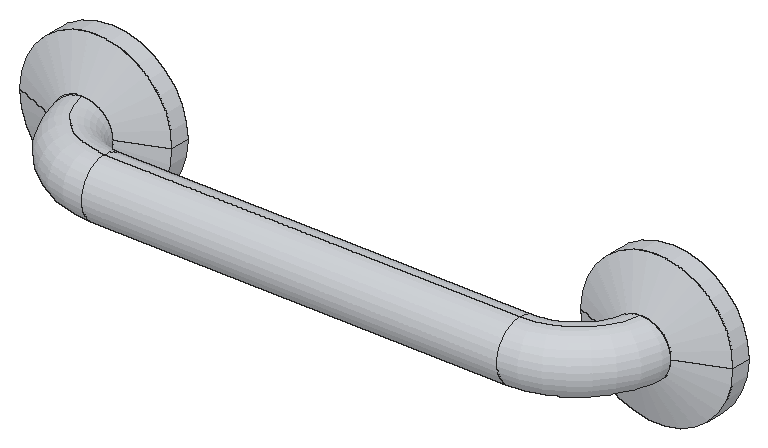
Revit family
Parameters
  Weight Limit = 450
  Warranty Duration (Years) = 0
  Unit Weight = 1.7
  Unit Length = 1' - 0"
  URL = "http://www.pontegiulio.com"
  Trim Radius = 0' - 1 5/8"
  Specification = "http://www.arcat.com/sd/clients/pontegiu.html?coid=43483"
  Send Message = "http://www.arcat.com/users.pl?action=UserEmail&company=Ponte%20Giulio&coid=43483&rep=132&fax=877-766-8306&mf="
  Sales Information = "http://www.pontegiulio.it/us/info.php"
  Revision = "R1_01-2010"
  Return Radius = 0' - 1 9/16"
  Product Properties = "http://www.pgdb.it/schede/us/G02JASxx01_us.pdf"
  Product Data = "http://www.arcat.com/arcatcos/cos43/arc43483.html"
  Model = "Grab Bar as Specified in 10 28 13"
  Manufacturer's Notes = ""
  Manufacturer Website = "http://www.pontegiulio.com"
  Manufacturer Phone - Toll Free = "877-766-8301 "
  Manufacturer Fax = "877-766-8306"
  Manufacturer Address = "W241 S4021 Rockwood Circle, Waukesha, WI 53189"
  Manufacturer = "Ponte Giulio"
  Maintenance Schedule (Months) = 0
  Keynote = "10 28 13"
  Installation-Fabrication = ""
  Installation Phase = ""
  Green Building-LEED = "http://www.arcat.com/green/clients/leed_data_43483.html"
  Expected Lifespan (Years) = 0
  Drawn By = "Robert S. Weygant, CSI, CDT, SCIP"
  Diameter = 0' - 1 1/4"
  Description = "Grab Bar as Specified in 10 28 13"
  Default Elevation = 2' - 0"
  Copyright = "2010 ARCAT, Inc"
  Construction Details = ""
  Clear Space From Wall = 0' - 1 1/2"
  Building Codes = ""
  Bath Fixture Material [instance] = none
  Assembly Code = "C1030200"
  AK_Code Compliance = "ADA"
Reference planes (in)
  plane 1 "Center (Front/Back)": y = 0
  plane 2: z = 0
  plane 3 "Center (Left/Right)": x = 0
  plane 4: x = 12
  plane 5: y = -1.5
  plane 6 "Center Elevation": z = 24
Forms (in)
  Sweep 1, solid, material <- "Bath Fixture Material"
    path origin (0, 0, 24) x (1, 0, 0) y (0, 1, 0)
      loop
        line (0, 0) -> (0, -0.5625)
        arc (0, -0.5625) -> (0.45765, -1.66735) -> (1.5625, -2.125) r 1.5625
        line (1.5625, -2.125) -> (10.4375, -2.125)
        arc (10.4375, -2.125) -> (11.54235, -1.66735) -> (12, -0.5625) r 1.5625
        line (12, -0.5625) -> (12, 0)
    profile origin (0, -0.28125, 24) x (1, 0, 0) y (0, 0, 1)
      loop
        circle (0, 0) r 0.625
  Revolve 2, solid, material <- "Bath Fixture Material"
    sketch origin (0, 0, 24) x (1, 0, 0) y (0, 1, 0)
      loop
        line (0, 0) -> (0, -0.8125) -> (0.625, -0.8125) -> (1.625, -0.40625) -> (1.625, 0) -> (0, 0)
      axis (0, -0.8125) -> (0, 0)
    angle from 0 to 360
  Revolve 3, solid, material <- "Bath Fixture Material"
    sketch origin (48, 0, 24) x (1, 0, 0) y (0, 1, 0)
      loop
        line (-36, 0) -> (-36, -0.8125) -> (-35.375, -0.8125) -> (-34.375, -0.40625) -> (-34.375, 0) -> (-36, 0)
      axis (-36, -0.8125) -> (-36, 0)
    angle from 0 to 360
Dimensions and locks (in)
  "Unit Length": plane 3 "Center (Left/Right)" to plane 4  (x2)
  Revolve 3 sketch curve to Revolve 3 sketch curve = 0' - 0 13/16"
  "Clear Space From Wall": plane 5 to plane 1 "Center (Front/Back)"
  "Default Elevation": plane 6 "Center Elevation" to level
  equal spacing: Sweep 1 sketch curve, plane 6 "Center Elevation", Sweep 1 sketch curve
  aligned and locked: plane 1 "Center (Front/Back)" to Revolve 3 sketch curve
  aligned and locked: Revolve 3 sketch curve to plane 4
  aligned and locked: plane 1 "Center (Front/Back)" to Revolve 2 sketch curve
  aligned and locked: Revolve 2 sketch curve to plane 3 "Center (Left/Right)"
  aligned and locked: Sweep 1 sketch curve to plane 3 "Center (Left/Right)"
  aligned and locked: plane 4 to Sweep 1 sketch curve
  aligned and locked: plane 6 "Center Elevation" to Revolve 3
  aligned and locked: plane 6 "Center Elevation" to Revolve 2
  aligned and locked: Revolve 2 to Sweep 1 sketch curve
  aligned and locked: Revolve 3 to Sweep 1 sketch curve
Automatic sketch dimensions
  plane 3 "Center (Left/Right)" to Sweep 1 sketch curve = 0' - 1 9/16"
  plane 1 "Center (Front/Back)" to Sweep 1 sketch curve = 0' - 0 9/16"
  Sweep 1 sketch curve to profile plane = 0' - 0"
  Sweep 1 sketch curve to Sweep 1 sketch curve = 0' - 0 5/8"
  Sweep 1 sketch curve to plane 4 = 0' - 1 9/16"
  Revolve 2 sketch curve to plane 3 "Center (Left/Right)" = 0' - 0"
  plane 3 "Center (Left/Right)" to Revolve 2 sketch curve = 0' - 0 5/8"
  Revolve 2 sketch curve to Revolve 2 sketch curve = 0' - 1"
  plane 1 "Center (Front/Back)" to Revolve 2 sketch curve = 0' - 0 13/32"
  plane 5 to Revolve 2 sketch curve = 0' - 0 11/16"
  Revolve 2 sketch curve to plane 5 = 8' - 5.15632"
  Revolve 2 sketch curve to Revolve 2 sketch curve = 2' - 0"
  Revolve 3 sketch curve to plane 4 = 0' - 0"
  Revolve 3 sketch curve to Revolve 3 sketch curve = 0' - 0 5/8"
  plane 1 "Center (Front/Back)" to Revolve 3 sketch curve = 0' - 0 13/32"
  Revolve 3 sketch curve to Revolve 3 sketch curve = 0' - 1"
  plane 5 to Revolve 3 sketch curve = 0' - 0 11/16"
  Revolve 3 sketch curve to plane 5 = 8' - 5.21882"
  Revolve 3 sketch curve to Revolve 3 sketch curve = 2' - 0"
